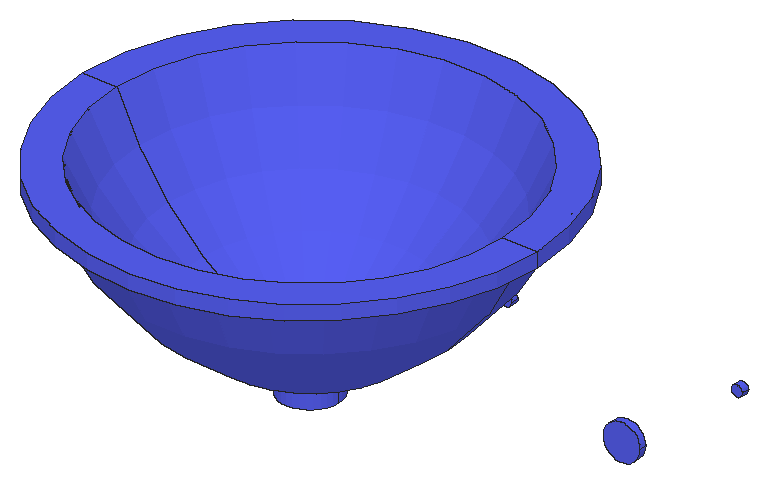
Revit family "Lavatory-Vessel_Transitional_LT161_TOTO", category Plumbing Fixtures, Revit 2013
Parameters
  ecoScorecard_data = "http://toto.ecoscorecard.com/product/LT161"
  ecoScorecard Product Page = "http://toto.ecoscorecard.com/product/LT161"
  Width = 15 3/4"  # constant formula
  Waste Connection NPT Radius = 5/8"
  Waste Connection = yes
  Warranty URL = "http://www.totousa.com/warranty-registration"
  Warranty = "One Year Limited Warranty"  # constant formula
  WFU = 0
  Vent Connection = no
  URL = "http://www.totousa.com"
  Toto BIM Number = "BM-00023"  # constant formula
  Subcategory = "Lavatories"  # constant formula
  Style = "Transitional"  # constant formula
  Spec Sheet URL = "http://assets.totousa.com/product-files/SS-00412_LT161.pdf"
  Sink Type = "Lavatory"  # constant formula
  Sink Configuration = "Single Sink"  # constant formula
  Shipping Weight = 17.00 lbf
  Series = "Waza"  # constant formula
  SanoGloss Available = no
  Sanitary Connetor = "Sanitary Connection"  # constant formula
  Product Page URL = " "
  Parts Manual URL = " "
  Mounting = "Vessel"  # constant formula
  Model = "LT161"
  Material = "Fired Clay"  # constant formula
  Manufacturer Toll Free Phone = "1-888-295-8134"  # constant formula
  Manufacturer Phone = "(770) 282-8686"  # constant formula
  Manufacturer Fax = "(770) 282-0002"  # constant formula
  Manufacturer Email = "mailto:custservice@totousa.com"
  Manufacturer Address = "1155 Southern Road, Morrow, Georgia 30260"  # constant formula
  Manufacturer = "TOTO USA, Inc."  # constant formula
  Installation URL = " "
  Industry Standards = "Meets and exceeds ASME A112.19.2/CSA B45.1"  # constant formula
  Hot Water Connector = "Hot Water Connection"  # constant formula
  Hot Water Connection Radius = 3/16"
  Hot Water Connection Diameter = Hot Water Connection Radius * 2  # 3/8"
  Height = 7 1/8"  # constant formula
  HWFU = 0
  HW Connection = yes
  Finish = Fired Clay - TOTO - 71 Pacific Blue
  Diameter = 15 3/4"  # constant formula
  Description = "WazaÂ® Ayaâ„¢ Vessel Lavatory"
  Depth = 15 3/4"  # constant formula
  Cost Info = "mailto:custservice@totousa.com"
  Color Availability = "#71 Pacific Blue, #73 Dappled Sunlight"  # constant formula
  Cold Water Connector = "Cold Water Connection"  # constant formula
  Cold Water Connection Radius = 3/16"
  Cold Water Connection Diameter = Cold Water Connection Radius * 2  # 3/8"
  Code Compliance = "UPC, IPC, NSPC, NPC Canada, and others"  # constant formula
  Certifications = "IAPMO(cUPC), State of Massachusetts , City of Los Angeles, and others"  # constant formula
  CWFU = 0
  CW Connection = yes
  CAD Drawing URL = "http://assets.totousa.com/product-files/AD-00282_LT161.dxf"
  Basin Diameter = 14 3/4"  # constant formula
  Assembly Code = "D2010310"
  ADA Compliant = yes
  95 CSI = "15410"  # constant formula
  04 CSI = "22 42 16"  # constant formula
Types (2): name | ecoScorecard_data | ecoScorecard Product Page
  (no name) | "http://toto.ecoscorecard.com/product/LT161" | "http://toto.ecoscorecard.com/product/LT161"
  LT161 | " " | "  "
Reference planes (in)
  plane 1 "Center (Front/Back)": y = 0
  plane 2: z = 0
  plane 3 "Center (Left/Right)": x = 0
  plane 4 "Back": y = 7.875
  plane 5 "Front": y = -7.875
  plane 6: x = -7.875
  plane 7: x = 7.875
  plane 8: z = 0
  plane 9: y = 13.5
  plane 10: z = 5.5
  plane 11: z = -1.625
Dimensions and locks (in)
  "Depth": plane 5 "Front" to plane 4 "Back"
  equal spacing: plane 5 "Front", plane 1 "Center (Front/Back)", plane 4 "Back"
  equal spacing: plane 6, plane 3 "Center (Left/Right)", plane 7
  "Width": plane 6 to plane 7
  plane 8 to plane 2 = 0"
  "Height": plane 10 to plane 11
  aligned and locked: level to plane 2
  aligned and locked: plane 1 "Center (Front/Back)" to nested 1
  aligned and locked: plane 3 "Center (Left/Right)" to nested 1
  aligned and locked: plane 9 to nested 1
Nested families (in)
  nested 1: "LT161" at (0, 0, 0), type "LT161"
    with Distance From Wall 5 5/8"
Connectors (in)
  piping at (0, 13.75, -9.125), driven by "Waste Connection NPT Radius", driven by "WFU", driven by "Waste Connection", driven by "Waste Connection", driven by "Sanitary Connetor"
    settings: on nested 1, index 1, connector radius 5/8", flow factor 0, pipe flow 0 GPM, pressure drop 0.00 psi, fitting loss kfactor 0, connector angle 0.00°, fixture units 0, engagement length 0", flow configuration 3, flow direction 2, fitting loss method 0, system type 16, joint type 0, gender type 0, connector reference index -1, connector utility 1, adjustable connector yes, is connector primary yes, fitting loss table "", connector description "Sanitary Connection"
  piping at (-4, 13.75, -6.125), driven by "HWFU", driven by "HW Connection", driven by "HW Connection", driven by "Hot Water Connector", driven by "Hot Water Connection Radius"
    settings: on nested 1, index 2, connector radius 3/16", flow factor 0, pipe flow 0 GPM, pressure drop 0.00 psi, fitting loss kfactor 0, connector angle 0.00°, fixture units 0, engagement length 0", flow configuration 3, flow direction 1, fitting loss method 0, system type 19, joint type 0, gender type 0, connector reference index -1, connector utility 1, adjustable connector yes, is connector primary no, fitting loss table "", connector description "Hot Water Connection"
  piping at (4, 13.75, -6.125), driven by "CWFU", driven by "CW Connection", driven by "CW Connection", driven by "Cold Water Connector", driven by "Cold Water Connection Radius"
    settings: on nested 1, index 3, connector radius 3/16", flow factor 0, pipe flow 0 GPM, pressure drop 0.00 psi, fitting loss kfactor 0, connector angle 0.00°, fixture units 0, engagement length 0", flow configuration 3, flow direction 1, fitting loss method 0, system type 20, joint type 0, gender type 0, connector reference index -1, connector utility 1, adjustable connector yes, is connector primary no, fitting loss table "", connector description "Cold Water Connection"
Definition of nested family "LT161"
  Parameters (values of type "LT161")
    Width = 15 3/4"
    Waste Connection Radius = 5/8"
    Waste Connection = yes
    WFU = 0
    Vent Connection = yes
    URL = ""
    Nominal Radius = Diameter / 2  # 7 7/8"
    Model = ""
    Manufacturer = ""
    Lavatory Material = Fired Clay - TOTO - 71 Pacific Blue
    Hot Water Connection Radius = 3/16"
    Height = 7 1/8"  # constant formula
    HWFU = 0
    HW Connection = yes
    Distance From Wall [instance] = 5 5/8"
    Diameter = 15 3/4"  # constant formula
    Description = ""
    Depth = 15 3/4"
    Cold Water Connection Radius = 3/16"
    CWFU = 0
    CW Connection = yes
    Assembly Code = ""
  Reference planes (in)
    plane 1 "Center (Front/Back)": y = 0
    plane 2: z = 0
    plane 3 "Center (Left/Right)": x = 0
    plane 4: x = -7.875
    plane 5: x = 7.875
    plane 6: z = 5.5
    plane 7: z = -1.625
    plane 8: z = -6.125
    plane 9: x = 4
    plane 10: x = -4
    plane 11: z = -9.125
    plane 12: y = 7.875
    plane 13: y = -7.875
    plane 14 "Wall Closure": y = 13.5
    plane 15: z = -20.125
  Forms (in)
    Revolve 1, solid, material "Fired Clay - TOTO - 71 Pacific Blue" <- "Lavatory Material", detail levels fine
      sketch origin (0, 0, 0) x (1, 0, 0) y (0, 0, 1)
        loop
          line (-6.69134, 5.5) -> (-7.875, 5.5) -> (-7.875, 5) -> (-7.375, 5)
          arc (-7.375, 5) -> (-5.57967, 2.15685) -> (-3, 0) r 10.84871
          line (-3, 0) -> (0, 0) -> (0, 0.25) -> (-2.31265, 0.25)
          arc (-2.31265, 0.25) -> (-4.93691, 2.51227) -> (-6.69134, 5.5) r 10.59871
        axis (0, 0) -> (0, 5.5)
      angle from 0 to 360
    Extrusion 2, void
      sketch origin (0, 0, 0) x (1, 0, 0) y (0, 1, 0)
        loop
          circle (0, 0) r 0.625
        loop
          circle (0, 0) r 0.875
      from 0 to 0.25
    Extrusion 3, solid, material "Fired Clay - TOTO - 71 Pacific Blue" <- "Lavatory Material"
      sketch origin (0, 0, 0) x (1, 0, 0) y (0, 1, 0)
        loop
          circle (0, 0) r 1
      from -1.625 to 0
    Extrusion 4, solid, material "Fired Clay - TOTO - 71 Pacific Blue" <- "Lavatory Material"
      sketch origin (0, 0, 0) x (1, 0, 0) y (0, 0, 1)
        loop
          circle (-4, -6.125) r 0.1875
      from -13.75 to -13.5
    Extrusion 5, solid, material "Fired Clay - TOTO - 71 Pacific Blue" <- "Lavatory Material"
      sketch origin (0, 0, 0) x (1, 0, 0) y (0, 0, 1)
        loop
          circle (4, -6.125) r 0.1875
      from -13.75 to -13.5
    Extrusion 6, solid, material "Fired Clay - TOTO - 71 Pacific Blue" <- "Lavatory Material"
      sketch origin (0, 0, 0) x (1, 0, 0) y (0, 0, 1)
        loop
          circle (0, -9.125) r 0.625
      from -13.75 to -13.5
    Extrusion 7, solid, material "Fired Clay - TOTO - 71 Pacific Blue" <- "Lavatory Material", detail levels coarse
      sketch origin (0, 0, 0) x (1, 0, 0) y (0, 1, 0)
        loop
          circle (0, 0) r 7.875
      from 0 to 5.5
    Revolve 8, solid, material "Fired Clay - TOTO - 71 Pacific Blue" <- "Lavatory Material", detail levels medium
      sketch origin (0, 0, 0) x (1, 0, 0) y (0, 0, 1)
        loop
          line (-6.69134, 5.5) -> (-7.875, 5.5) -> (-7.875, 0) -> (0, 0) -> (0, 0.25) -> (-2.31265, 0.25)
          arc (-2.31265, 0.25) -> (-4.93691, 2.51227) -> (-6.69134, 5.5) r 10.59871
        axis (0, 0) -> (0, 5.5)
      angle from 0 to 360
  Cuts and joins
    Extrusion 2 cuts Revolve 1
  Lines and regions (in)
    symbolic lines
      curve 1: circle (0, 0, 0) r 7.875 normal (0, 0, -1)
      curve 2: line (-4.1875, 13.5, 0) -> (-3.8125, 13.5, 0)
      curve 3: line (-3.8125, 13.5, 0) -> (-3.8125, 13.75, 0)
      curve 4: line (-3.8125, 13.75, 0) -> (-4.1875, 13.75, 0)
      curve 5: line (-4.1875, 13.75, 0) -> (-4.1875, 13.5, 0)
      curve 6: line (0.625, 13.75, 0) -> (-0.625, 13.75, 0)
      curve 7: line (-0.625, 13.75, 0) -> (-0.625, 13.5, 0)
      curve 8: line (-0.625, 13.5, 0) -> (0.625, 13.5, 0)
      curve 9: line (0.625, 13.5, 0) -> (0.625, 13.75, 0)
      curve 10: line (4.1875, 13.75, 0) -> (3.8125, 13.75, 0)
      curve 11: line (3.8125, 13.75, 0) -> (3.8125, 13.5, 0)
      curve 12: line (3.8125, 13.5, 0) -> (4.1875, 13.5, 0)
      curve 13: line (4.1875, 13.5, 0) -> (4.1875, 13.75, 0)
      curve 18: line (-7.875, 0, 5.5) -> (7.875, 0, 5.5)
      curve 22: line (1.0625, 0, -1.625) -> (-1, 0, -1.625)
      curve 23: line (-1, 0, -1.625) -> (-1, 0, 0)
      curve 24: line (1.0625, 0, 0) -> (1.0625, 0, -1.625)
      curve 29: line (-3, 0, 0) -> (3, 0, 0)
      curve 30: line (7.875, 0, 5) -> (7.875, 0, 5.5)
      curve 31: line (-7.875, 0, 5) -> (-7.875, 0, 5.5)
      curve 32: circle (-4, 0, -6.125) r 0.1875 normal (0, -1, 0)
      curve 33: circle (0, 0, -9.125) r 0.625 normal (0, -1, 0)
      curve 34: circle (4, 0, -6.125) r 0.1875 normal (0, -1, 0)
      curve 35: line (0, -7.875, 5.5) -> (0, 7.875, 5.5)
      curve 36: line (0, -1, -1.625) -> (0, 1, -1.625)
      curve 37: line (0, -1, -1.625) -> (0, -1, 0)
      curve 38: line (0, 1, -1.625) -> (0, 1, 0)
      curve 39: line (0, -3, 0) -> (0, 3, 0)
      curve 40: line (0, -7.875, 5) -> (0, -7.875, 5.5)
      curve 41: line (0, 7.875, 5) -> (0, 7.875, 5.5)
      curve 49: line (0, 13.5, -5.9375) -> (0, 13.5, -6.3125)
      curve 50: line (0, 13.75, -6.3125) -> (0, 13.75, -5.9375)
      curve 51: line (0, 13.5, -5.9375) -> (0, 13.75, -5.9375)
      curve 52: line (0, 13.5, -6.3125) -> (0, 13.75, -6.3125)
      curve 53: line (0, 13.75, -8.5) -> (0, 13.5, -8.5)
      curve 54: line (0, 13.75, -9.75) -> (0, 13.5, -9.75)
      curve 55: line (0, 13.5, -9.75) -> (0, 13.5, -8.5)
      curve 56: line (0, 13.75, -8.5) -> (0, 13.75, -9.75)
    symbolic lines, detail levels medium+fine
      curve 14: circle (0, 0, 0) r 6.69134 normal (0, 0, -1)
      curve 15: circle (0, 0, 0) r 2.31265 normal (0, 0, 1)
    symbolic lines, detail levels fine
      curve 16: circle (0, 0, 0) r 0.875 normal (0, 0, 1)
      curve 17: circle (0, 0, 0) r 0.625 normal (0, 0, -1)
      curve 25: line (-7.875, 0, 5) -> (7.875, 0, 5)
      curve 26: arc (7.375, 0, 5) -> (5.60593, 0, 2.13387) -> (3, 0, 0) r 10.20175
      curve 27: arc (-3, 0, 0) -> (-5.58504, 0, 2.15215) -> (-7.375, 0, 5) r 10.70932
      curve 46: line (0, -7.875, 5) -> (0, 7.875, 5)
      curve 47: arc (0, 3, 0) -> (0, 5.5742, 2.15143) -> (0, 7.34643, 5) r 10.59186
      curve 48: arc (0, -3, 0) -> (0, -5.6034, 2.12605) -> (0, -7.34643, 5) r 9.91046
    symbolic lines, detail levels coarse+medium
      curve 19: line (-7.875, 0, 0) -> (-3, 0, 0)
      curve 20: line (7.875, 0, 0) -> (7.875, 0, 5)
      curve 21: line (-7.875, 0, 0) -> (-7.875, 0, 5)
      curve 28: line (3, 0, 0) -> (7.875, 0, 0)
      curve 42: line (0, -7.875, 5) -> (0, -7.875, 0)
      curve 43: line (0, -7.875, 0) -> (0, -3, 0)
      curve 44: line (0, 3, 0) -> (0, 7.875, 0)
      curve 45: line (0, 7.875, 0) -> (0, 7.875, 5)
  Dimensions and locks (in)
    locked: plane 11 to Extrusion 6 sketch curve at 0
    locked: plane 3 "Center (Left/Right)" to Extrusion 6 sketch curve at 0
    locked: plane 8 to Extrusion 4 sketch curve at 0
    locked: plane 10 to Extrusion 4 sketch curve at 0
    locked: plane 9 to Extrusion 5 sketch curve at 0.1875
    locked: plane 8 to Extrusion 5 sketch curve at 0
    "Nominal Radius": plane 3 "Center (Left/Right)" to Revolve 1 sketch curve
    locked: cut or joined group of Revolve 1, Extrusion 2 to plane 2 at 0.25
    plane 10 to Revolve 1 sketch curve = 1.68735"
    locked: Revolve 1 sketch curve to Revolve 1 sketch curve at 0.5
    equal spacing: plane 4, plane 3 "Center (Left/Right)", plane 5
    "Depth": plane 4 to plane 5
    "Height": plane 6 to plane 7
    "Width": plane 13 to plane 12
    equal spacing: plane 13, plane 1 "Center (Front/Back)", plane 12
    locked: plane 1 "Center (Front/Back)" to Extrusion 2 sketch curve at 0  (x2)
    locked: plane 3 "Center (Left/Right)" to Extrusion 2 sketch curve at 0  (x2)
    locked: plane 1 "Center (Front/Back)" to Extrusion 3 sketch curve at 0
    locked: plane 3 "Center (Left/Right)" to Extrusion 3 sketch curve at 0
    plane 12 to Extrusion 4 = 5 5/8"
    plane 12 to Extrusion 6 = 5 5/8"
    plane 12 to Extrusion 5 = 5 5/8"
    locked: plane 2 to plane 11 at 9.125
    locked: plane 2 to plane 8 at 6.125
    locked: plane 2 to plane 7 at 1.625
    locked: plane 4 to plane 10 at 3.875
    locked: plane 9 to plane 5 at 3.875
    locked: plane 14 "Wall Closure" to Extrusion 5 at 0.25
    locked: plane 14 "Wall Closure" to Extrusion 6 at 0.25
    locked: plane 14 "Wall Closure" to Extrusion 4 at 0.25
    "Distance From Wall": plane 12 to plane 14 "Wall Closure"
    locked: plane 3 "Center (Left/Right)" to Revolve 1 sketch curve at 6.69134
    locked: Revolve 1 sketch curve to plane 2 at 0.25
    locked: plane 11 to plane 15 at 11
    "Waste Connection Radius": radius of Extrusion 6 sketch curve
    "Hot Water Connection Radius": radius of Extrusion 4 sketch curve
    "Cold Water Connection Radius": radius of Extrusion 5 sketch curve
    radius of curve 32 = 3/16"
    radius of Extrusion 6 sketch curve = 5/8"
    aligned: Extrusion 4 to plane 12
    aligned: Extrusion 6 to plane 12
    aligned and locked: Revolve 1 sketch curve to plane 6
    aligned and locked: plane 2 to Revolve 1 sketch curve
    aligned and locked: Extrusion 2 to level
    aligned and locked: Extrusion 2 to Revolve 1
    aligned and locked: plane 7 to Extrusion 3
    aligned and locked: level to Extrusion 3
    aligned and locked: plane 14 "Wall Closure" to Extrusion 5
    aligned and locked: Extrusion 4 to Extrusion 5
    aligned: Extrusion 4 to Extrusion 6
    aligned and locked: plane 14 "Wall Closure" to Extrusion 6
  Automatic sketch dimensions
    plane 1 "Center (Front/Back)" to Extrusion 7 sketch curve = 0"
    Extrusion 7 sketch curve to plane 3 "Center (Left/Right)" = 0"
    curve 1 to curve 14 = 0"  (x2)
    curve 1 to curve 15 = 0"  (x2)
    curve 1 to curve 16 = 0"  (x2)
    curve 1 to curve 17 = 0"  (x2)
    curve 14 to curve 15 = 0"  (x2)
    curve 14 to curve 16 = 0"  (x2)
    curve 14 to curve 17 = 0"  (x2)
    curve 15 to curve 16 = 0"  (x2)
    curve 15 to curve 17 = 0"  (x2)
    curve 16 to curve 17 = 0"  (x2)
    plane 14 "Wall Closure" to curve 2 = 0"
    plane 14 "Wall Closure" to curve 8 = 0"
    plane 1 "Center (Front/Back)" to curve 1 = 0"
    curve 1 to plane 3 "Center (Left/Right)" = 0"
    plane 14 "Wall Closure" to curve 11 = 0"
    curve 7 to plane 14 "Wall Closure" = 1/4"
    curve 7 to plane 3 "Center (Left/Right)" = 5/8"
    curve 3 to plane 10 = 3/16"
    plane 10 to curve 5 = 3/16"
    plane 3 "Center (Left/Right)" to curve 8 = 5/8"
    plane 9 to curve 11 = 3/16"
    curve 13 to plane 9 = 3/16"
    curve 10 to plane 14 "Wall Closure" = 1/4"
    curve 3 to plane 14 "Wall Closure" = 1/4"
    Revolve 1 sketch curve to plane 3 "Center (Left/Right)" = 0"  (x2)
    Revolve 1 sketch curve to plane 4 = 1/2"
    Revolve 1 sketch curve to Revolve 1 sketch curve = 0.68735"
    plane 9 to Revolve 1 sketch curve = 1.41518"
    Revolve 1 sketch curve to Revolve 1 sketch curve = 0.61762"
    plane 7 to Revolve 1 sketch curve = 1 3/8"
    Revolve 1 sketch curve to plane 6 = 1 1/4"
    plane 4 to Revolve 8 sketch curve = 0"
    Revolve 8 sketch curve to plane 6 = 0"
    Revolve 8 sketch curve to level = 0"
    Revolve 8 sketch curve to plane 3 "Center (Left/Right)" = 0"  (x2)
    Revolve 8 sketch curve to plane 4 = 1.18366"
    level to Revolve 8 sketch curve = 1/4"
    Revolve 8 sketch curve to Revolve 8 sketch curve = 2.31265"
    plane 9 to Revolve 8 sketch curve = 0.79757"
    plane 7 to Revolve 8 sketch curve = 1 3/8"
    Revolve 8 sketch curve to plane 6 = 1 1/4"
    plane 4 to curve 18 = 0"
    plane 10 to curve 32 = 0"
    curve 19 to level = 0"
    curve 23 to plane 7 = 0"
    curve 33 to plane 3 "Center (Left/Right)" = 0"
    curve 34 to plane 8 = 0"
    plane 9 to curve 34 = 0"
    plane 5 to curve 28 = 0"
    curve 33 to plane 11 = 0"
    curve 30 to plane 6 = 0"
    curve 27 to plane 4 = 1/2"
    curve 19 to plane 10 = 1"
    curve 26 to plane 10 = 1.92833"
    curve 23 to plane 3 "Center (Left/Right)" = 1"
    plane 3 "Center (Left/Right)" to curve 24 = 1 1/16"
    plane 9 to curve 27 = 1.52545"
    plane 9 to curve 26 = 1"
    curve 26 to curve 20 = 1/2"
    plane 6 to curve 26 = 1/2"
    curve 32 to plane 8 = 0"
    plane 6 to curve 35 = 0"
    curve 35 to plane 13 = 0"
    curve 39 to level = 0"
    plane 7 to curve 36 = 0"
    curve 41 to plane 12 = 0"
    curve 49 to plane 14 "Wall Closure" = 0"
    curve 55 to plane 14 "Wall Closure" = 0"
    curve 40 to curve 48 = 0.52857"
    plane 1 "Center (Front/Back)" to curve 39 = 3"
    plane 1 "Center (Front/Back)" to curve 47 = 2.41958"
    plane 1 "Center (Front/Back)" to curve 36 = 1"
    curve 36 to plane 1 "Center (Front/Back)" = 1"
    curve 48 to plane 1 "Center (Front/Back)" = 1.87612"
    curve 38 to curve 44 = 2"
    curve 47 to curve 41 = 0.52857"
    curve 49 to curve 51 = 1/4"
    curve 53 to curve 53 = 1/4"
    curve 49 to plane 8 = 3/16"
    plane 8 to curve 50 = 3/16"
    curve 55 to plane 11 = 5/8"
    plane 11 to curve 56 = 5/8"
    plane 6 to curve 47 = 1/2"
    radius of Extrusion 2 sketch curve = 5/8"
    radius of Extrusion 2 sketch curve = 7/8"
    radius of Extrusion 3 sketch curve = 1"
    radius of Extrusion 7 sketch curve = 7 7/8"
    radius of curve 1 = 7 7/8"
    radius of curve 14 = 6.69134"
    radius of curve 15 = 2.31265"
    radius of curve 16 = 7/8"
    radius of curve 17 = 5/8"
    radius of curve 33 = 5/8"
    radius of curve 34 = 3/16"
  Connectors (in)
    piping at (0, 13.5, -9.125), driven by "Waste Connection Radius", driven by "Waste Connection", driven by "WFU"
      settings: on Extrusion 6, index 1, connector radius 5/8", flow factor 0, pipe flow 0 GPM, pressure drop 0.00 psi, fitting loss kfactor 0, connector angle 0.00°, fixture units 0, engagement length 0", flow configuration 3, flow direction 2, fitting loss method 0, system type 16, joint type 0, gender type 0, connector reference index -1, connector utility 0, adjustable connector yes, is connector primary yes, fitting loss table "", connector description "Waste Outlet Connection"
    piping at (4, 13.5, -6.125), driven by "Cold Water Connection Radius", driven by "CWFU"
      settings: on Extrusion 5, index 2, connector radius 3/16", flow factor 0, pipe flow 0 GPM, pressure drop 0.00 psi, fitting loss kfactor 0, connector angle 0.00°, fixture units 0, engagement length 0", flow configuration 3, flow direction 1, fitting loss method 4, system type 20, joint type 0, gender type 0, connector reference index -1, connector utility 0, adjustable connector no, is connector primary no, fitting loss table "", connector description "Cold Water Inlet Connection"
    piping at (-4, 13.5, -6.125), driven by "Hot Water Connection Radius", driven by "HWFU"
      settings: on Extrusion 4, index 3, connector radius 3/16", flow factor 0, pipe flow 0 GPM, pressure drop 0.00 psi, fitting loss kfactor 0, connector angle 0.00°, fixture units 0, engagement length 0", flow configuration 3, flow direction 1, fitting loss method 4, system type 19, joint type 0, gender type 0, connector reference index -1, connector utility 0, adjustable connector no, is connector primary no, fitting loss table "", connector description "Hot Water Inlet Connection"
